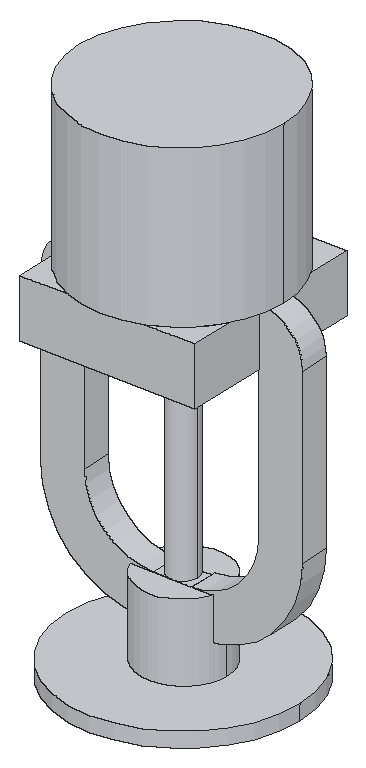
Revit family
Parameters (values of type "RASCO F156 PENDENT")
  Temperature Rating = 286 °F
  Response = (empty or 0)
  RASCO SIN # = "RA1314"
  RASCO Part # = "F56P3C"
  Pressure Rating = "175 PSI"
  Pressure Class = (empty or 0)
  Orifice Size = 1/2"
  Orifice = (empty or 0)
  Model = "F156"
  Manufacturer = "RASCO"
  K-Factor = 5.6
  Description = "Chrome Finish"
  Coverage = (empty or 0)
Reference planes (in)
  plane 1 "Center (Front/Back)": y = 0
  plane 2: z = 0
  plane 3 "Center (Left/Right)": x = 0
Dimensions and locks (in)
  aligned and locked: plane 2 to level
Nested families (in)
  nested 1: "F56P3C" at (-0.0113, 0, 2.4375) x (-1, 0, 0) z (0, 0, -1), type "RASCO F156 PENDENT"
Connectors (in)
  piping at (-0.0113, 0, 2.4375)
    settings: on nested 1, index 1, connector radius 55/128", flow factor 0, pipe flow 0 GPM, pressure drop 0.00 psi, fitting loss kfactor 0, connector angle 0.00°, fixture units 0, flow configuration 0, flow direction 0, fitting loss method 0, system type 7, connector reference index -1, connector utility 0, adjustable connector no, is connector primary yes, fitting loss table "", connector description ""
Definition of nested family "F56P3C"
  Parameters (values of type "RASCO F156 PENDENT")
    Type Comments = ""
    Temperature Rating = 0 °F
    Response = (empty or 0)
    Pressure Rating = "0"
    Pressure Class = (empty or 0)
    Orifice Size = 0"
    Orifice = (empty or 0)
    Model = ""
    Manufacturer = ""
    K-Factor = 0
    Description = ""
    Coverage = (empty or 0)
    Assembly Code = ""
  Reference planes (in)
    plane 1 "Center (Front/Back)": y = 0
    plane 2: z = 0
    plane 3 "ref.2": z = 0.6875
    plane 4 "ref.3": z = 0.9375
    plane 5: x = -0.38065
    plane 6: x = 0.36935
    plane 7 "ref. side 1": y = 0.06402
    plane 8 "ref. side 2": y = -0.06098
    plane 9 "ref.4": z = 1.875
    plane 10 "ref.5": z = 2.3125
    plane 11 "ref.6": z = 2.4375
  Forms (in)
    Extrusion 1, solid
      sketch origin (0, 0, 0) x (1, 0, 0) y (0, 1, 0)
        loop
          circle (0, 0) r 0.4379
      from 0 to 0.6875
    Extrusion 2, solid
      sketch origin (-0.12185, 0.05177, 0.6875) x (1, 0, 0) y (0, 1, 0)
        loop
          line (-0.2588, 0.356) -> (-0.2588, -0.4565) -> (0.4912, -0.4565) -> (0.4912, 0.356) -> (-0.2588, 0.356)
      from 0 to 0.25
    Extrusion 3, solid
      sketch origin (0, 0, 0) x (1, 0, 0) y (0, 0, 1)
        loop
          line (-0.38065, 0.68754) -> (-0.38065, 1.58397)
          arc (-0.38065, 1.58397) -> (-0.29541, 1.78976) -> (-0.08962, 1.875) r 0.29103
          line (-0.08962, 1.875) -> (0.07524, 1.875)
          arc (0.07524, 1.875) -> (0.28321, 1.78886) -> (0.36935, 1.58089) r 0.29411
          line (0.36935, 1.58089) -> (0.36935, 0.68751)
          arc (0.36935, 0.68751) -> (0.50207, 0.74393) -> (0.55685, 0.87734) r 0.18984
          line (0.55685, 0.87734) -> (0.55685, 1.61676)
          arc (0.55685, 1.61676) -> (0.42629, 1.93194) -> (0.11111, 2.0625) r 0.44574
          line (0.11111, 2.0625) -> (-0.12259, 2.0625)
          arc (-0.12259, 2.0625) -> (-0.43765, 1.932) -> (-0.56815, 1.61694) r 0.44556
          line (-0.56815, 1.61694) -> (-0.56815, 0.87876)
          arc (-0.56815, 0.87876) -> (-0.51345, 0.74486) -> (-0.38065, 0.68754) r 0.19126
      from -0.06402 to 0.06098
    Extrusion 4, solid
      sketch origin (0, 0, 0.9375) x (-1, 0, 0) y (0, -1, 0)
        loop
          circle (0.00574, -0.00152) r 0.0625
      from 0 to 0.9375
    Extrusion 5, solid
      sketch origin (0, 0, 1.875) x (-1, 0, 0) y (0, -1, 0)
        loop
          circle (0.00574, -0.00152) r 0.1875
      from 0 to 0.4375
    Extrusion 6, solid
      sketch origin (0, 0, 2.3125) x (0, -1, 0) y (1, 0, 0)
        loop
          circle (-0.00152, -0.00574) r 0.5
      from -0.10531 to -0.03987
  Cuts and joins
    joined: Extrusion 1, Extrusion 2, Extrusion 4
  Lines and regions (in)
    model lines
      curve 1: line (-0.00574, 0.06402, 1.875) -> (-0.00574, -0.06098, 1.875)
